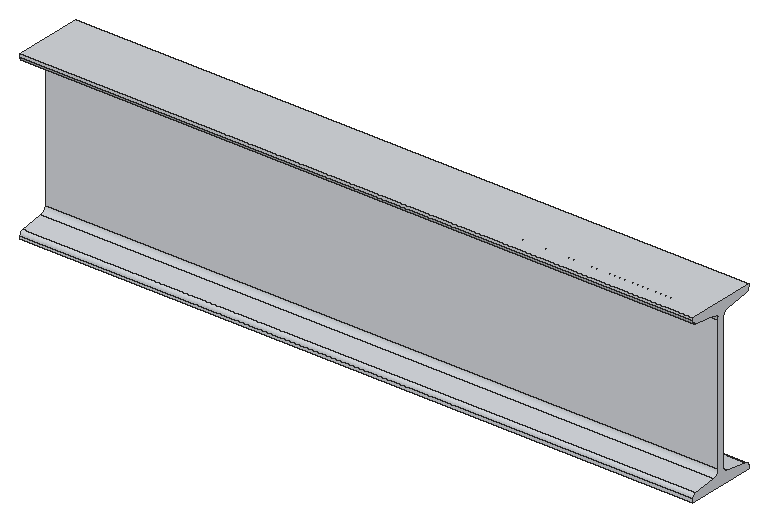
Revit family "StructuralFraming_TaperFlangeISectionProfile", category Structural Framing, Revit 2018
Family settings
  Structural Framing Length Roundoff = 1 mm
  Section Shape = I-shape Sloped Flange
  Material for Model Behavior = Steel
  Always export as geometry = No
  Always vertical = Yes
  Cut with Voids When Loaded = No
  Symbolic Representation = From Project Settings
  Shared = No
  Show family pre-cut in plan views = Yes
Parameters (values of type "TaperFlangeISectionProfile")
  Width = 125 mm
  Web Toe of Fillet = 0 mm
  Web Thickness = 11 mm
  Web Fillet = 11 mm
  Warping Constant = (empty or 0)
  Torsional Moment of Inertia = 0 cm⁴
  Torsional Modulus = 0 cm³
  Structural Material [instance] = none
  Sloped Flange Angle = 7.97°
  Shear Area weak axis = 0.0 cm²
  Shear Area strong axis = 0.0 cm²
  Section Area = 0.0 cm²
  Principal Axes Angle = 0.00°
  Plastic Modulus weak axis = 0 cm³
  Plastic Modulus strong axis = 0 cm³
  Perimeter = (empty or 0)
  Nominal Weight = 0 N/m
  Moment of Inertia weak axis = 0 cm⁴
  Moment of Inertia strong axis = 0 cm⁴
  Height = 300 mm
  Flange Thickness Location = Width / 4  # 31.25 mm
  Flange Thickness = 16 mm
  Flange Fillet = 7 mm
  Elastic Modulus weak axis = 0 cm³
  Elastic Modulus strong axis = 0 cm³
  Clear Web Height = 0 mm
  Centroid Vertical = 0 mm
  Centroid Horizontal = 0 mm
  Bolt Spacing = 0 mm
  built-in parameter 1005539 = (empty or 0)
  Assembly Code = ""
  Length [instance] = 1500 mm
Reference planes
  plane 1 "Center (Front/Back)": y = 0
  plane 2: z = 0
  plane 3 "Center (Left/Right)": x = 4.61
  plane 4 "Member Left": x = -604.99
  plane 5 "Member Right": x = 614.21
  plane 6: y = 62.5
  plane 7: y = -62.5
  plane 8 "Top": z = 150
  plane 9: z = -150
  plane 10 "Left": x = -757.39
  plane 11 "Right": x = 742.61
Forms (mm)
  Sweep 1, solid, material <- "Structural Material", detail levels medium
    path origin (0, 0, 0) x (1, 0, 0) y (0, 1, 0)
      loop
        line (614.21, 0) -> (-604.99, 0)
    profile "TaperFlangeISectionProfile-Medium : TaperFlangeISectionProfile-Medium" origin (4.61, 0, 0) x (0, -1, 0) y (0, 0, 1)
      loop
        line (62.5, 138.375) -> (62.5, 150) -> (-62.5, 150) -> (-62.5, 138.375) -> (-31.25, 134) -> (-5.5, 130.395) -> (-5.5, -130.395) -> (-31.25, -134) -> (-62.5, -138.375) -> (-62.5, -150) -> (62.5, -150) -> (62.5, -138.375) -> (31.25, -134) -> (5.5, -130.395) -> (5.5, 130.395) -> (31.25, 134) -> (62.5, 138.375)
  Sweep 2, solid, material <- "Structural Material", detail levels fine
    path origin (0, 0, 0) x (1, 0, 0) y (0, 1, 0)
      loop
        line (614.21, 0) -> (-604.99, 0)
    profile "TaperFlangeISectionProfile-Fine : TaperFlangeISectionProfile-Fine" origin (4.61, 0, 0) x (0, -1, 0) y (0, 0, 1)
      loop
        line (62.5, 144.463) -> (62.5, 150) -> (-62.5, 150) -> (-62.5, 144.463)
        arc (-62.5, 144.463) -> (-60.782, 139.87) -> (-56.471, 137.531) r 7
        line (-56.471, 137.531) -> (-31.25, 134) -> (-14.975, 131.721)
        arc (-14.975, 131.721) -> (-8.2, 128.046) -> (-5.5, 120.828) r 11
        line (-5.5, 120.828) -> (-5.5, -120.828)
        arc (-5.5, -120.828) -> (-8.2, -128.046) -> (-14.975, -131.721) r 11
        line (-14.975, -131.721) -> (-31.25, -134) -> (-56.471, -137.531)
        arc (-56.471, -137.531) -> (-60.782, -139.87) -> (-62.5, -144.463) r 7
        line (-62.5, -144.463) -> (-62.5, -150) -> (62.5, -150) -> (62.5, -144.463)
        arc (62.5, -144.463) -> (60.782, -139.87) -> (56.471, -137.531) r 7
        line (56.471, -137.531) -> (31.25, -134) -> (14.975, -131.721)
        arc (14.975, -131.721) -> (8.2, -128.046) -> (5.5, -120.828) r 11
        line (5.5, -120.828) -> (5.5, 120.828)
        arc (5.5, 120.828) -> (8.2, 128.046) -> (14.975, 131.721) r 11
        line (14.975, 131.721) -> (31.25, 134) -> (56.471, 137.531)
        arc (56.471, 137.531) -> (60.782, 139.87) -> (62.5, 144.463) r 7
Lines and regions (mm)
  symbolic lines, style "Hidden Faces", detail levels medium+fine
    curve 1: line (614.21, -5.4, 0) -> (-604.99, -5.4, 0)
    curve 2: line (614.21, 5.4, 0) -> (-604.99, 5.4, 0)
  symbolic lines, style "Stick Symbols", detail levels coarse
    curve 3: line (4.61, 5.5, 150) -> (4.61, -62.5, 150)
    curve 4: line (4.61, -62.5, -150) -> (4.61, 62.5, -150)
    curve 5: line (4.61, 0, 150) -> (4.61, 0, -150)
Dimensions and locks
  "Width": plane 6 to plane 7
  "Height": plane 9 to plane 8 "Top"
  equal spacing: plane 9, plane 2, plane 8 "Top"
  equal spacing: plane 6, plane 1 "Center (Front/Back)", plane 7
  "Length": plane 10 "Left" to plane 11 "Right"
  locked: curve 2 to curve 1 at 10.8
  equal spacing: curve 2, plane 1 "Center (Front/Back)", curve 1
  aligned and locked: Sweep 1 sketch curve to plane 1 "Center (Front/Back)"
  aligned and locked: Sweep 2 sketch curve to plane 1 "Center (Front/Back)"
  aligned and locked: curve 3 to Sweep 2
  aligned and locked: plane 4 "Member Left" to Sweep 1 sketch curve
  aligned and locked: plane 5 "Member Right" to Sweep 1 sketch curve
  aligned and locked: plane 4 "Member Left" to Sweep 2 sketch curve
  aligned and locked: plane 5 "Member Right" to Sweep 2 sketch curve
  aligned and locked: plane 4 "Member Left" to curve 1
  aligned and locked: plane 5 "Member Right" to curve 1
  aligned and locked: plane 4 "Member Left" to curve 2
  aligned and locked: plane 5 "Member Right" to curve 2
Automatic sketch dimensions
  curve 5 to plane 1 "Center (Front/Back)" = 0 mm
  curve 3 to plane 7 = 0 mm
  curve 4 to plane 7 = 0 mm
  curve 4 to plane 6 = 0 mm
  plane 9 to curve 4 = 0 mm
  plane 8 "Top" to curve 5 = 0 mm
